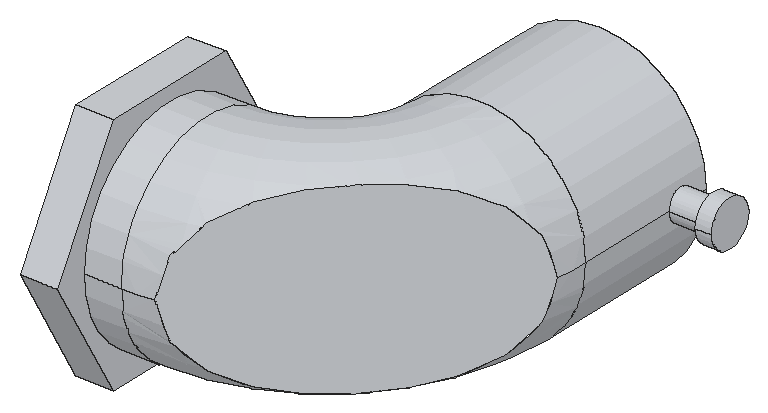
Revit family "1aa2e9968c07401d9856f5ea2817ec74", category Conduit Fittings, Revit 2021
Family settings
  Round Connector Dimension = Use Radius
  Part Type = Multi Port
  OmniClass Number = 23.80.30.17.11
  OmniClass Title = Conduits
  Work Plane-Based = No
  Always vertical = Yes
  Cut with Voids When Loaded = No
  Shared = No
Parameters (values of type "Standard")
  Radius 2 [instance] = 0.75 * Length 1  # 0.10045"
  Radius 1 [instance] = 0.5 * Length 1  # 0.06696"
  Nominal Radius [instance] = 1/4"
  Nominal Diameter [instance] = Nominal Radius * 2  # 1/2"
  Length 9 [instance] = 0.1 * Center to End  # 0.131"
  Length 8 [instance] = Length 3 * sin(30.00°)  # 39/128"
  Length 7 [instance] = Length 3 * cos(30.00°)  # 0.52773"
  Length 5 [instance] = if(Center to End - 0.5 * Center to End < End Outside Radius, End Outside Radius + 0' 0 1/8", Center to End - 0.5 * Center to End)  # 0.655"
  Length 4 [instance] = Center to End - Length 5  # 0.655"
  Length 3 [instance] = 1.3 * End Outside Radius  # 39/64"
  Length 2 [instance] = 0.15 * End Outside Radius  # 9/128"
  Thread Length [instance] = Length 4 * 0.5  # 0.3275"
  Length 6 [instance] = Length 4 - Thread Length  # 0.3275"
  Length 1 [instance] = End Outside Diameter / 7  # 0.13393"
  End Outside Radius [instance] = End Outside Diameter / 2  # 15/32"
  End Outside Diameter [instance] = size_lookup(Conduit Size Lookup, "EOD", 1.22 * Nominal Diameter + 1/4", Nominal Diameter)  # 15/16"
  Default Elevation = 0' - 0"
  Conduit Size Lookup = "Conduit Elbow EMT to Box - Set Screw - Die Cast Zinc"
  Center to End [instance] = size_lookup(Conduit Size Lookup, "CtE", 1.28 * Nominal Diameter + 169/256", Nominal Diameter)  # 1.31"
Reference planes (in)
  plane 1 "Center (Front/Back)": y = 0
  plane 2: z = 0
  plane 3 "Center (Left/Right)": x = 0
  plane 4: x = 0.3275
  plane 5: x = 0.16375
  plane 6: y = 0.655
  plane 7: y = 1.31
  plane 8: z = 0.52773
  plane 9: z = -0.52773
  plane 10: y = 0.60937
  plane 11: y = -0.60938
  plane 12: y = 0.30469
  plane 13: y = -0.30469
  plane 14: y = 1.17607
  plane 15: x = 0.9825
  plane 16: x = 1.59188
  plane 17: x = 1.66219
  plane 18: y = -0.46875
  plane 19: x = 0.4585
  plane 20: x = 1.45125
Forms (in)
  Sweep 1, solid, detail levels fine
    path in 3D
      loop
        line (0.16375, 0, 0) -> (0.3275, 0, 0)
        arc (0.3275, 0, 0) -> (0.79065, 0.19185, 0) -> (0.9825, 0.655, 0) r 0.655
        line (0.9825, 0.655, 0) -> (0.9825, 1.31, 0)
    profile origin (0.24563, 0, 0) x (0, 1, 0) y (0, 0, 1)
      loop
        circle (0, 0) r 0.46875
  Extrusion 2, solid, detail levels fine
    sketch origin (0, 0, 0) x (0, 1, 0) y (0, 0, 1)
      loop
        line (0.30469, 0.52773) -> (-0.30469, 0.52773) -> (-0.60937, 0) -> (-0.30469, -0.52773) -> (0.30469, -0.52773) -> (0.60937, 0) -> (0.30469, 0.52773)
    from 0 to 0.16375
  Extrusion 3, solid, detail levels fine
    sketch origin (0, 0, 0) x (0, 1, 0) y (0, 0, 1)
      loop
        circle (1.17607, 0) r 0.10045
    from 1.59188 to 1.66219
  Extrusion 4, solid, detail levels fine
    sketch origin (0, 0, 0) x (0, 1, 0) y (0, 0, 1)
      loop
        circle (1.17607, 0) r 0.06696
    from 0.9825 to 1.59188
  Extrusion 5, void
    sketch origin (0, 0, 0) x (1, 0, 0) y (0, 1, 0)
      loop
        line (0.4585, -0.46875) -> (1.45125, -0.46875) -> (1.45125, 0.524) -> (0.4585, -0.46875)
    from -0.52773 to 0.52773
  Extrusion 6, solid, detail levels fine
    sketch origin (0, 0, 0) x (0, 1, 0) y (0, 0, 1)
      loop
        circle (0, 0) r 0.125
    from 0 to 0.16375
Cuts and joins
  Extrusion 5 cuts Sweep 1
  Extrusion 5 cuts Extrusion 2
  Extrusion 5 cuts Extrusion 3
  Extrusion 5 cuts Extrusion 4
  joined: Sweep 1, Extrusion 2, Extrusion 3, Extrusion 4, Extrusion 6
Lines and regions (in)
  model lines, detail levels coarse+medium
    curve 1: line (0.16375, 0, 0) -> (0.3275, 0, 0)
    curve 2: arc (0.3275, 0, 0) -> (0.79065, 0.19185, 0) -> (0.9825, 0.655, 0) r 0.655
    curve 3: line (0.9825, 0.655, 0) -> (0.9825, 1.31, 0)
    curve 7: line (0, 0, 0) -> (0.16375, 0, 0)
  sketch lines
    curve 4: line (0.16375, 0, 0) -> (0.3275, 0, 0)
    curve 5: arc (0.3275, 0, 0) -> (0.79065, 0.19185, 0) -> (0.9825, 0.655, 0) r 0.655
    curve 6: line (0.9825, 0.655, 0) -> (0.9825, 1.31, 0)
Dimensions and locks (in)
  "Length 6": plane 3 "Center (Left/Right)" to plane 4
  equal spacing: plane 3 "Center (Left/Right)", plane 5, plane 4
  "Length 5": plane 6 to plane 1 "Center (Front/Back)"
  "Length 4": plane 7 to plane 6
  "Length 7": plane 8 to plane 2
  equal spacing: plane 8, plane 2, plane 9
  "Length 3": plane 10 to plane 1 "Center (Front/Back)"
  equal spacing: plane 10, plane 1 "Center (Front/Back)", plane 11
  "Length 8": plane 12 to plane 1 "Center (Front/Back)"
  equal spacing: plane 12, plane 1 "Center (Front/Back)", plane 13
  "Length 3": curve 2 to Extrusion 2 sketch curve
  "Length 3": Extrusion 2 sketch curve to plane 1 "Center (Front/Back)"
  "Length 1": plane 7 to plane 14
  "Length 5": plane 4 to plane 15
  "Length 3": plane 15 to plane 16
  "Length 2": plane 16 to plane 17
  "End Outside Radius": plane 18 to plane 1 "Center (Front/Back)"  (x2)
  "Length 9": plane 4 to plane 19
  Extrusion 5 to plane 3 "Center (Left/Right)" = 0' - 1.45125"
  "End Outside Radius": plane 15 to plane 20
  "Length 5": radius of curve 2
  "End Outside Radius": radius of Sweep 1 sketch curve
  "Radius 2": radius of Extrusion 3 sketch curve
  "Radius 1": radius of Extrusion 4 sketch curve
  radius of Extrusion 6 sketch curve = 0' - 0 1/8"
  locked: curve 2 to curve 2 (angle 90.00°)
  locked: plane 18 to Extrusion 5 sketch curve (angle 45.00°)
  aligned and locked: plane 1 "Center (Front/Back)" to curve 1
  aligned and locked: plane 6 to curve 2
  aligned and locked: plane 4 to curve 2
  aligned and locked: plane 7 to curve 3
  aligned and locked: plane 6 to curve 3
  aligned and locked: Extrusion 2 sketch curve to plane 8
  aligned and locked: plane 8 to Extrusion 2 sketch curve
  aligned and locked: plane 11 to Extrusion 2 sketch curve
  aligned and locked: plane 2 to Extrusion 2 sketch curve  (x2)
  aligned and locked: plane 13 to Extrusion 2 sketch curve  (x2)
  aligned and locked: plane 9 to Extrusion 2 sketch curve
  aligned and locked: plane 12 to Extrusion 2 sketch curve
  aligned and locked: Extrusion 2 to plane 3 "Center (Left/Right)"
  aligned and locked: plane 5 to Extrusion 2
  aligned and locked: plane 14 to Extrusion 3 sketch curve
  aligned and locked: plane 2 to Extrusion 3 sketch curve
  aligned and locked: Extrusion 3 to plane 16
  aligned and locked: plane 17 to Extrusion 3
  aligned and locked: plane 14 to Extrusion 4 sketch curve
  aligned and locked: plane 2 to Extrusion 4 sketch curve
  aligned and locked: Extrusion 4 to plane 15
  aligned and locked: plane 16 to Extrusion 4
  aligned and locked: plane 19 to Extrusion 5 sketch curve
  aligned and locked: plane 18 to Extrusion 5 sketch curve
  aligned and locked: plane 20 to Extrusion 5 sketch curve  (x2)
  aligned and locked: Extrusion 5 sketch curve to plane 18
  aligned and locked: plane 9 to Extrusion 5
  aligned and locked: plane 8 to Extrusion 5
  aligned and locked: plane 3 "Center (Left/Right)" to curve 7
  aligned and locked: plane 5 to curve 7
  aligned and locked: plane 1 "Center (Front/Back)" to curve 7
  aligned and locked: plane 1 "Center (Front/Back)" to Extrusion 6 sketch curve
  aligned and locked: plane 2 to Extrusion 6 sketch curve
  aligned and locked: Extrusion 6 to plane 3 "Center (Left/Right)"
  aligned and locked: plane 5 to Extrusion 6
Automatic sketch dimensions
  Sweep 1 sketch curve to profile plane = 0' - 0"  (x2)
  Extrusion 2 sketch curve to plane 10 = 0' - 0"
Connectors (in)
  cabletrayconduit at (0, 0, 0), diameter 0.5, driven by "Nominal Radius"
    settings: on Extrusion 6, index 1, connector width 1' - 0", connector height 1' - 0", connector angle 0.00°, system type 32, placement type 0, profile type 0, connector reference index 2, is primary connector yes, connector utility param no, connector description ""
  cabletrayconduit at (0.9825, 1.31, 0), diameter 0.5, driven by "Nominal Radius"
    settings: on cut or joined group of Sweep 1, Extrusion 2, Extrusion 3, Extrusion 4, Extrusion 5, Extrusion 6, index 2, connector width 1' - 0", connector height 1' - 0", connector angle 0.00°, system type 32, placement type 0, profile type 0, connector reference index 1, is primary connector no, connector utility param no, connector description ""
